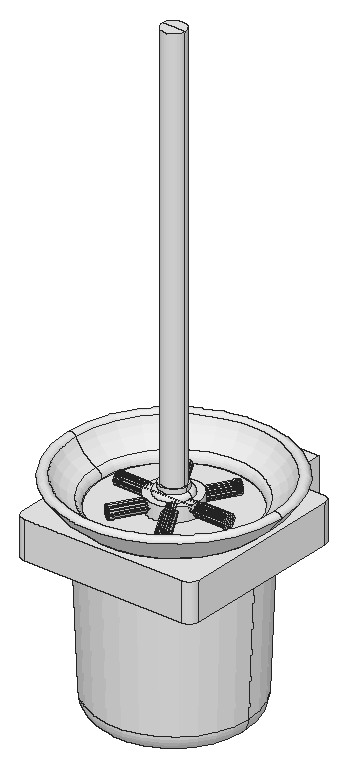
Revit family "rba-bim-rba1631-139", category Plumbing Fixtures, Revit 2016
Family settings
  Part Type = Normal
  Round Connector Dimension = Use Diameter
  Work Plane-Based = No
  Always vertical = Yes
  Cut with Voids When Loaded = No
  Shared = Yes
  Room Calculation Point = No
Parameters (values of type "RBA1631-139")
  Watermarked By = "www.rba.com.au"
  Waste Connection = yes
  Vent Connection = yes
  URL = ""
  Phone Number = "1300 788 778"
  Modified Issue = "20190220.01"
  Model = "RBA1631-139"
  Materials and Finishes = Heavy Duty Brass in a Bright Chrome Finish
  Manufacturer Model = ""
  Manufacturer = "RBA Group"  # constant formula
  HW Connection = yes
  Description = "ōken Toilet Brush Holder"
  Copyright by = "RBA Group"  # constant formula
  CW Connection = yes
Reference planes
  plane 1 "Center (Front/Back)": y = 0
  plane 2: z = 0
  plane 3 "Center (Left/Right)": x = 0
  plane 4: z = 115
  plane 5: z = 0
Forms (mm)
  Extrusion 1, solid, material "Heavy Duty Brass in a Bright Chrome Finish" <- "Materials and Finishes"
    sketch origin (0, -73, 0) x (1, 0, 0) y (0, 1, 0)
      loop
        line (42.5, 47.5) -> (-42.5, 47.5)
        arc (-42.5, 47.5) -> (-46.036, 46.036) -> (-47.5, 42.5) r 5
        line (-47.5, 42.5) -> (-47.5, -42.5)
        arc (-47.5, -42.5) -> (-46.036, -46.036) -> (-42.5, -47.5) r 5
        line (-42.5, -47.5) -> (42.5, -47.5)
        arc (42.5, -47.5) -> (46.036, -46.036) -> (47.5, -42.5) r 5
        line (47.5, -42.5) -> (47.5, 42.5)
        arc (47.5, 42.5) -> (46.036, 46.036) -> (42.5, 47.5) r 5
    from 78 to 98
  Revolve 2, solid, material "Heavy Duty Brass in a Bright Chrome Finish" <- "Materials and Finishes"
    sketch origin (0, -73, 0) x (1, 0, 0) y (0, 0, 1)
      loop
        line (-44, 98) -> (-40.392, 9.592)
        arc (-40.392, 9.592) -> (-37.325, 2.786) -> (-30.4, 0) r 10
        line (-30.4, 0) -> (0, 0) -> (0, 5) -> (-30.4, 5)
        arc (-30.4, 5) -> (-33.863, 6.393) -> (-35.396, 9.796) r 5
        line (-35.396, 9.796) -> (-38.996, 98)
        arc (-38.996, 98) -> (-39.812, 100.636) -> (-41.828, 102.521) r 5.379
        arc (-41.828, 102.521) -> (-48.392, 107.02) -> (-53.012, 113.5) r 22.825
        arc (-53.012, 113.5) -> (-55.811, 114.966) -> (-58, 112.687) r 2.631
        arc (-58, 112.687) -> (-51.749, 104.629) -> (-44, 98) r 50.219
      axis (0, 0) -> (0, 113.5)
    angle from 0 to 360
  Extrusion 3, solid, material "Heavy Duty Brass in a Bright Chrome Finish" <- "Materials and Finishes"
    sketch origin (0, -73, 0) x (1, 0, 0) y (0, 1, 0)
      loop
        line (-20, 73) -> (-20, 47.5) -> (20, 47.5) -> (20, 73) -> (-20, 73)
    from 78 to 98
  Revolve 4, solid, material "Heavy Duty Brass in a Bright Chrome Finish" <- "Materials and Finishes"
    sketch origin (0, -73, 0) x (1, 0, 0) y (0, 0, 1)
      loop
        line (-6, 329.897) -> (-6, 110.5) -> (-7, 110.5) -> (-7, 108)
        arc (-7, 108) -> (-8.768, 107.268) -> (-9.5, 105.5) r 2.5
        line (-9.5, 105.5) -> (-13.5, 105.5) -> (-13.5, 98) -> (0, 98) -> (0, 329.897) -> (-6, 329.897)
      axis (0, 98) -> (0, 329.897)
    angle from 0 to 360
  Extrusion 5, solid, material "Heavy Duty Brass in a Bright Chrome Finish" <- "Materials and Finishes"
    sketch origin (0, -73, 0) x (0.866025, 0.5, 0) y (0, 0, 1)
      loop
        circle (1, 101.75) r 0.4
      loop
        circle (-1, 101.75) r 0.4
      loop
        circle (0, 102.75) r 0.4
      loop
        circle (0, 100.75) r 0.4
      loop
        circle (0, 103.75) r 0.4
      loop
        circle (2, 101.75) r 0.4
      loop
        circle (-2, 101.75) r 0.4
      loop
        circle (0, 99.75) r 0.4
      loop
        circle (0, 101.75) r 0.4
      loop
        circle (1.414, 103.164) r 0.4
      loop
        circle (-1.414, 103.164) r 0.4
      loop
        circle (1.414, 100.336) r 0.4
      loop
        circle (-1.414, 100.336) r 0.4
      loop
        circle (0, 104.75) r 0.4
      loop
        circle (2.121, 103.871) r 0.4
      loop
        circle (3, 101.75) r 0.4
      loop
        circle (2.121, 99.629) r 0.4
      loop
        circle (0, 98.75) r 0.4
      loop
        circle (-2.121, 99.629) r 0.4
      loop
        circle (-3, 101.75) r 0.4
      loop
        circle (-2.121, 103.871) r 0.4
      loop
        circle (1.148, 98.978) r 0.4
      loop
        circle (-1.148, 98.978) r 0.4
      loop
        circle (1.148, 104.522) r 0.4
      loop
        circle (-1.148, 104.522) r 0.4
      loop
        circle (-2.772, 102.898) r 0.4
      loop
        circle (-2.772, 100.602) r 0.4
      loop
        circle (2.772, 102.898) r 0.4
      loop
        circle (2.772, 100.602) r 0.4
    from -30 to 30
  Extrusion 6, solid, material "Heavy Duty Brass in a Bright Chrome Finish" <- "Materials and Finishes"
    sketch origin (0, -73, 0) x (0, 1, 0) y (0, 0, 1)
      loop
        circle (1, 101.75) r 0.4
      loop
        circle (-1, 101.75) r 0.4
      loop
        circle (0, 102.75) r 0.4
      loop
        circle (0, 100.75) r 0.4
      loop
        circle (0, 103.75) r 0.4
      loop
        circle (2, 101.75) r 0.4
      loop
        circle (-2, 101.75) r 0.4
      loop
        circle (0, 99.75) r 0.4
      loop
        circle (0, 101.75) r 0.4
      loop
        circle (1.414, 103.164) r 0.4
      loop
        circle (-1.414, 103.164) r 0.4
      loop
        circle (1.414, 100.336) r 0.4
      loop
        circle (-1.414, 100.336) r 0.4
      loop
        circle (0, 104.75) r 0.4
      loop
        circle (2.121, 103.871) r 0.4
      loop
        circle (3, 101.75) r 0.4
      loop
        circle (2.121, 99.629) r 0.4
      loop
        circle (0, 98.75) r 0.4
      loop
        circle (-2.121, 99.629) r 0.4
      loop
        circle (-3, 101.75) r 0.4
      loop
        circle (-2.121, 103.871) r 0.4
      loop
        circle (1.148, 98.978) r 0.4
      loop
        circle (-1.148, 98.978) r 0.4
      loop
        circle (1.148, 104.522) r 0.4
      loop
        circle (-1.148, 104.522) r 0.4
      loop
        circle (-2.772, 102.898) r 0.4
      loop
        circle (-2.772, 100.602) r 0.4
      loop
        circle (2.772, 102.898) r 0.4
      loop
        circle (2.772, 100.602) r 0.4
    from -30 to 30
  Extrusion 7, solid, material "Heavy Duty Brass in a Bright Chrome Finish" <- "Materials and Finishes"
    sketch origin (0, -73, 0) x (-0.866025, 0.5, 0) y (0, 0, 1)
      loop
        circle (1, 101.75) r 0.4
      loop
        circle (-1, 101.75) r 0.4
      loop
        circle (0, 102.75) r 0.4
      loop
        circle (0, 100.75) r 0.4
      loop
        circle (0, 103.75) r 0.4
      loop
        circle (2, 101.75) r 0.4
      loop
        circle (-2, 101.75) r 0.4
      loop
        circle (0, 99.75) r 0.4
      loop
        circle (0, 101.75) r 0.4
      loop
        circle (1.414, 103.164) r 0.4
      loop
        circle (-1.414, 103.164) r 0.4
      loop
        circle (1.414, 100.336) r 0.4
      loop
        circle (-1.414, 100.336) r 0.4
      loop
        circle (0, 104.75) r 0.4
      loop
        circle (2.121, 103.871) r 0.4
      loop
        circle (3, 101.75) r 0.4
      loop
        circle (2.121, 99.629) r 0.4
      loop
        circle (0, 98.75) r 0.4
      loop
        circle (-2.121, 99.629) r 0.4
      loop
        circle (-3, 101.75) r 0.4
      loop
        circle (-2.121, 103.871) r 0.4
      loop
        circle (1.148, 98.978) r 0.4
      loop
        circle (-1.148, 98.978) r 0.4
      loop
        circle (1.148, 104.522) r 0.4
      loop
        circle (-1.148, 104.522) r 0.4
      loop
        circle (-2.772, 102.898) r 0.4
      loop
        circle (-2.772, 100.602) r 0.4
      loop
        circle (2.772, 102.898) r 0.4
      loop
        circle (2.772, 100.602) r 0.4
    from -30 to 30
Lines and regions (mm)
  model lines
    curve 1: circle (0, -73, 101.75) r 3.75 normal (0, -1, 0)
Dimensions and locks
  aligned and locked: plane 2 to level
